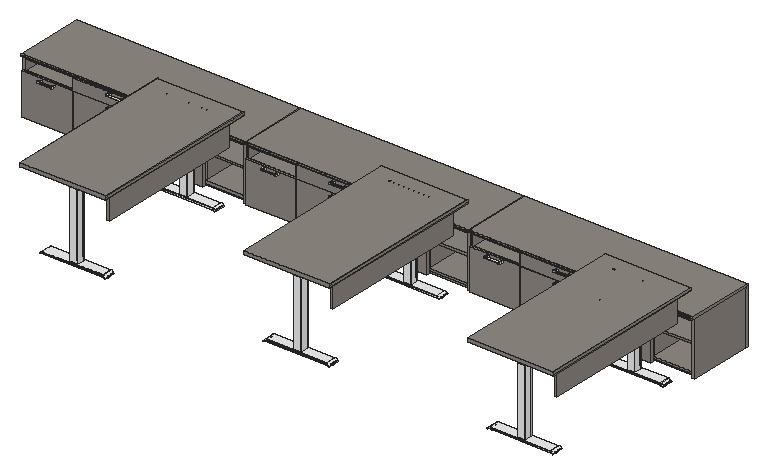
Revit family "JSI-Vision-Typical_Veneer-VSV139", category Furniture, Revit 2020 (continued)
Definition of nested family "JSI-Vision-Box_File_Modular_Bench_Pedestal"
  Automatic sketch dimensions
    Extrusion 4 sketch curve to plane 5 = 0"
    Extrusion 4 sketch curve to plane 14 = 0"
    curve 6 to plane 6 = 0"
    curve 6 to plane 7 = 0"
    curve 5 to plane 8 = 0"
    curve 6 to plane 9 = 0"
    curve 2 to plane 5 = 0"
    Extrusion 1 sketch curve to plane 18 = 0"
    Extrusion 2 sketch curve to plane 18 = 0"
    Extrusion 5 sketch curve to Extrusion 5 sketch curve = 3/4"
    plane 9 to Extrusion 5 sketch curve = 0.88"
  Nested families (in)
    nested 1: "Bar Pull" at (9, -18, 13.6409), Pull Finish <- "Pull Finish", type "PL"
      with Pull Finish none
    nested 2: "Bar Pull" at (9, -18, 17.8909), Pull Finish <- "Pull Finish", type "PL"
      with Pull Finish none
    nested 3: "Label 1-16" at (9, -18, 0), type "DRWCFG"
  Definition of nested family "Bar Pull"
    Parameters
      Pull Finish [instance] = none
      Default Elevation = 0"
    Reference planes (in)
      plane 1 "Center Front/Back": y = 0
      plane 2: z = 0
      plane 3 "Center Left/Right": x = 0
      plane 4: x = -2.68731
      plane 5: x = -1.88731
      plane 6: x = 2.68731
      plane 7: x = 1.88731
      plane 8: y = -1
      plane 9: y = -0.85202
    Forms (in)
      Extrusion 1, solid, material <- "Pull Finish"
        sketch origin (0, 0, 0) x (0, 1, 0) y (0, 0, 1)
          loop
            line (0, -0.2015) -> (0, 0.2015) -> (-0.85202, 0.2015)
            arc (-0.85202, 0.2015) -> (-0.75, 0) -> (-0.85202, -0.2015) r 0.25
            line (-0.85202, -0.2015) -> (0, -0.2015)
        from 1.88731 to 2.68731
      Extrusion 2, solid, material <- "Pull Finish"
        sketch origin (0, 0, 0) x (0, 1, 0) y (0, 0, 1)
          loop
            circle (-1, 0) r 0.25
        from -2.68731 to 2.68731
      Extrusion 3, solid, material <- "Pull Finish"
        sketch origin (0, 0, 0) x (0, 1, 0) y (0, 0, -1)
          loop
            line (0, 0.2015) -> (-0.85202, 0.2015)
            arc (-0.85202, 0.2015) -> (-0.75, 0) -> (-0.85202, -0.2015) r 0.25
            line (-0.85202, -0.2015) -> (0, -0.2015) -> (0, 0.2015)
        from 1.88731 to 2.68731
    Dimensions and locks (in)
      plane 4 to plane 5 to plane 3 "Center Left/Right" to plane 7 to plane 6 = 0.8" locked, 1.88731" locked, 1.88731" locked, 0.8" locked
      plane 8 to plane 9 to plane 1 "Center Front/Back" = 0.14798" locked, 0.85202" locked
      aligned and locked: level to plane 2
      aligned and locked: plane 4 to Extrusion 3
      aligned and locked: Extrusion 3 to plane 5
      aligned and locked: plane 4 to Extrusion 2
      aligned and locked: Extrusion 1 to plane 7
      aligned and locked: plane 6 to Extrusion 1
      aligned and locked: plane 6 to Extrusion 2
      aligned and locked: plane 8 to Extrusion 2 sketch curve
      aligned and locked: Extrusion 3 to plane 1 "Center Front/Back"
      aligned and locked: Extrusion 1 to plane 1 "Center Front/Back"
      aligned and locked: plane 5 to Extrusion 3
      aligned and locked: Extrusion 3 to plane 4
      aligned and locked: Extrusion 2 to plane 4
      aligned and locked: plane 7 to Extrusion 1
      aligned and locked: Extrusion 1 to plane 6
      aligned and locked: Extrusion 2 to plane 6
  Definition of nested family "Label 1-16"
    Parameters
      Width = 1"
      Model Name = "FF"
    Reference planes (in)
      plane 1: y = 0
      plane 2: x = 0
    Text (in)
      label "XX" at (0.00051, -0.12324, 0), shows "Model Name"
Definition of nested family "JSI-Vision-Sliding_Door_Modular_Bench_Pedestal"
  Parameters (values of type "Type Catalog")
    Width = 30"
    URL = "www.jsifurniture.com"
    Top = none
    Tag = "DOOR"
    Series = "Vision Casegoods"  # constant formula
    Model = "Type Catalog"
    Manufacturer = "JSI"  # constant formula
    Keynote = "12500"
    JSI Enviromental Website = "http://www.jsifurniture.com/jsi_sustainability_intro.php"
    Height = 18 3/4"
    Door Front = none
    Description = "Type Catalog"
    Depth = 18"
    Default Elevation = 0"
    Chassis = none
    Assembly Code = "E2020200"
  Reference planes (in)
    plane 1 "Center Front/Back": y = 0
    plane 2: z = 0
    plane 3 "Center Left/Right": x = 0
    plane 4: x = 30
    plane 5: x = 0.18716
    plane 6: x = 29.81244
    plane 7: z = 10.33219
    plane 8: x = 0.75
    plane 9: x = 29.126
    plane 10: y = -0.8125
    plane 11: y = -17.25
    plane 12: x = 15
    plane 13: z = 18.75
    plane 14: z = 18.6409
    plane 15: z = 9.58219
    plane 16: z = 1.9375
    plane 17: z = 1.1875
    plane 18: y = -17
    plane 19: y = -18
    plane 20: x = 14.625
    plane 21: x = 15.375
    plane 22: y = -16.125
    plane 23: y = -15.1875
    plane 24: y = -15.9375
    plane 25: z = 1
    plane 26: z = 18
  Forms (in)
    Extrusion 1, solid, material <- "Chassis"
      sketch origin (0.125, -0.1875, 48) x (0, 1, 0) y (0, 0, 1)
        loop
          line (0.1875, -29.25) -> (-17.0625, -29.25) -> (-17.0625, -48) -> (0.1875, -48) -> (0.1875, -29.25)
      from -0.125 to 0.625
    Extrusion 2, solid, material <- "Chassis"
      sketch origin (29.875, -0.1875, 48) x (0, 1, 0) y (0, 0, 1)
        loop
          line (0.1875, -29.25) -> (-17.0625, -29.25) -> (-17.0625, -48) -> (0.1875, -48) -> (0.1875, -29.25)
      from -0.749 to 0.125
    Extrusion 3, solid, material <- "Chassis"
      sketch origin (0, 0, 0) x (1, 0, 0) y (0, 1, 0)
        loop
          line (0.75, -15.1875) -> (0.75, -15.9375) -> (29.126, -15.9375) -> (29.126, -15.1875) -> (0.75, -15.1875)
      from 0 to 1.1875
    Extrusion 4, solid, material <- "Chassis"
      sketch origin (0, 0, 0) x (0, 1, 0) y (0, 0, 1)
        loop
          line (0, 18) -> (0, 18.75) -> (-17.25, 18.75) -> (-17.25, 18) -> (0, 18)
        loop
          line (0, 1.1875) -> (0, 1.9375) -> (-17, 1.9375) -> (-17, 1.1875) -> (0, 1.1875)
      from 0.75 to 29.126
    Extrusion 5, solid, material <- "Door Front"
      sketch origin (0, 0, 0) x (0, 1, 0) y (0, 0, 1)
        loop
          line (-17.25, 18.6409) -> (-18, 18.6409) -> (-18, 0.25) -> (-17.25, 0.25) -> (-17.25, 18.6409)
      from 0.18716 to 15.375
    Extrusion 6, solid, material <- "Chassis"
      sketch origin (0, 0, 0) x (0, 1, 0) y (0, 0, 1)
        loop
          line (-0.25, 9.58219) -> (-0.25, 10.33219) -> (-15.75, 10.33219) -> (-15.75, 9.58219) -> (-0.25, 9.58219)
      from 0.75 to 14.625
    Extrusion 7, solid, material <- "Chassis"
      sketch origin (0, 0, 0) x (0, 1, 0) y (0, 0, 1)
        loop
          line (0, 18) -> (-16.125, 18) -> (-16.125, 1.9375) -> (0, 1.9375) -> (0, 18)
      from 14.625 to 15.375
    Extrusion 8, solid, material <- "Chassis"
      sketch origin (30, 0, 0) x (0, 1, 0) y (0, 0, -1)
        loop
          line (-0.25, -9.58219) -> (-15.75, -9.58219) -> (-15.75, -10.33219) -> (-0.25, -10.33219) -> (-0.25, -9.58219)
      from 0.874 to 14.625
    Extrusion 9, solid, material <- "Chassis"
      sketch origin (0, 0, 0) x (1, 0, 0) y (0, 1, 0)
        loop
          line (0.75, 0) -> (0.75, -0.25) -> (14.625, -0.25) -> (14.625, 0) -> (0.75, 0)
        loop
          line (15.375, 0) -> (15.375, -0.25) -> (29.126, -0.25) -> (29.126, 0) -> (15.375, 0)
      from 1.9375 to 18
  Lines and regions (in)
    symbolic lines
      curve 1: line (0, 0, 0) -> (30, 0, 0)
      curve 2: line (0, -17.875, 0) -> (0, 0, 0)
      curve 3: line (30, -17.875, 0) -> (0, -17.875, 0)
      curve 4: line (30, 0, 0) -> (30, -17.875, 0)
  Dimensions and locks (in)
    plane 9 to plane 6 to plane 4 = 0.68644" locked, 0.18756" locked
    plane 3 "Center Left/Right" to plane 5 to plane 8 = 0.18716" locked, 0.56284" locked
    "Width": plane 3 "Center Left/Right" to plane 4
    equal spacing: plane 3 "Center Left/Right", plane 12, plane 4
    locked: plane 1 "Center Front/Back" to plane 10 at 0.8125
    plane 16 to plane 17 to level = 3/4" locked, 1 3/16" locked
    "Depth": plane 1 "Center Front/Back" to plane 19
    locked: plane 25 to level at 1
    locked: Extrusion 6 sketch curve to plane 22 at 0.375
    plane 20 to plane 12 to plane 21 = 3/8" locked, 3/8" locked
    plane 23 to plane 24 to plane 22 to plane 18 to plane 11 to plane 19 = 3/4" locked, 3/16" locked, 7/8" locked, 1/4" locked, 3/4" locked
    locked: plane 13 to plane 26 at 0.75
    locked: plane 14 to plane 13 at 0.1091
    "Height": plane 13 to level
    locked: Extrusion 5 sketch curve to plane 2 at 0.25
    locked: plane 1 "Center Front/Back" to Extrusion 9 sketch curve at 0.25  (x2)
    aligned and locked: level to plane 2
    aligned and locked: Extrusion 1 sketch curve to level
    aligned and locked: level to Extrusion 2 sketch curve
    aligned and locked: plane 8 to Extrusion 3 sketch curve
    aligned and locked: nested 1 to plane 12
    aligned and locked: plane 3 "Center Left/Right" to curve 2
    aligned and locked: plane 1 "Center Front/Back" to curve 1
    aligned and locked: curve 4 to plane 4
    aligned and locked: plane 13 to Extrusion 4 sketch curve
    aligned and locked: Extrusion 4 sketch curve to plane 11
    aligned and locked: plane 16 to Extrusion 4 sketch curve
    aligned and locked: Extrusion 4 sketch curve to plane 17
    aligned and locked: nested 1 to plane 19
    aligned and locked: plane 17 to Extrusion 3
    aligned and locked: plane 23 to Extrusion 3
    aligned and locked: Extrusion 3 to plane 24
    aligned and locked: Extrusion 5 sketch curve to plane 14
    aligned and locked: plane 11 to Extrusion 5 sketch curve
    aligned and locked: Extrusion 5 sketch curve to plane 19
    aligned and locked: plane 21 to Extrusion 5
    aligned and locked: plane 5 to Extrusion 5
    aligned and locked: plane 7 to Extrusion 6 sketch curve
    aligned and locked: Extrusion 6 sketch curve to plane 15
    aligned and locked: plane 16 to Extrusion 7 sketch curve
    aligned and locked: plane 22 to Extrusion 7 sketch curve
    aligned and locked: Extrusion 8 to plane 21
    aligned and locked: plane 7 to Extrusion 8
    aligned and locked: Extrusion 8 to plane 15
    aligned and locked: plane 9 to Extrusion 8
    aligned and locked: Extrusion 1 to plane 1 "Center Front/Back"
    aligned and locked: Extrusion 2 to plane 1 "Center Front/Back"
    aligned and locked: Extrusion 4 to plane 1 "Center Front/Back"
    aligned and locked: Extrusion 7 to plane 1 "Center Front/Back"
    aligned and locked: plane 8 to Extrusion 9 sketch curve
    aligned and locked: plane 20 to Extrusion 9 sketch curve
    aligned and locked: plane 1 "Center Front/Back" to Extrusion 9 sketch curve  (x2)
    aligned and locked: plane 21 to Extrusion 9 sketch curve
    aligned and locked: Extrusion 9 sketch curve to plane 9
    aligned and locked: plane 26 to Extrusion 9
    aligned and locked: Extrusion 9 to plane 16
    aligned and locked: Extrusion 6 to Extrusion 9
    aligned and locked: Extrusion 8 to Extrusion 9
  Automatic sketch dimensions
    plane 19 to curve 4 = 1/8"
    Extrusion 1 sketch curve to plane 11 = 0"
    Extrusion 1 sketch curve to plane 13 = 0"
    Extrusion 2 sketch curve to plane 11 = 0"
    Extrusion 2 sketch curve to plane 13 = 0"
    Extrusion 3 sketch curve to plane 9 = 0"
    Extrusion 3 sketch curve to plane 24 = 0"
    Extrusion 3 sketch curve to plane 23 = 0"
    plane 15 to Extrusion 8 sketch curve = 0"
    Extrusion 8 sketch curve to plane 7 = 0"
    plane 10 to Extrusion 8 sketch curve = 9/16"
    plane 24 to Extrusion 8 sketch curve = 3/16"
    plane 26 to Extrusion 7 sketch curve = 0"
    plane 10 to Extrusion 1 sketch curve = 13/16"
    plane 10 to Extrusion 2 sketch curve = 13/16"
    Extrusion 4 sketch curve to plane 18 = 0"
    Extrusion 4 sketch curve to plane 26 = 0"
    plane 10 to Extrusion 4 sketch curve = 13/16"  (x2)
    plane 10 to Extrusion 7 sketch curve = 13/16"
    plane 10 to Extrusion 6 sketch curve = 9/16"
  Nested families (in)
    nested 1: "Label 1-16" at (15, -18, 0), type "DRWCFG"
  Definition of nested family "Label 1-16"
    Parameters
      Width = 1"
      Model Name = "DOOR"
    Reference planes (in)
      plane 1: y = 0
      plane 2: x = 0
    Text (in)
      label "XX" at (0.00051, -0.12324, 0), shows "Model Name"
Definition of nested family "JSI-Vision-Bench_Height_Modular_Top"
  Parameters (values of type "Type Catalog")
    Worksurface = none
    Width = 42"
    URL = "www.jsifurniture.com"
    Type Comments = ""
    Series = "Vision Casegoods"  # constant formula
    Model = "Type Catalog"
    Material = ""
    Manufacturer = "JSI"  # constant formula
    Keynote = "12500"  # constant formula
    JSI Enviromental Website = "http://www.jsifurniture.com/jsi_sustainability_intro.php"
    Height = 3/4"  # constant formula
    Description = "Type Catalog"
    Depth = 30"
    Default Elevation = 0"
    Assembly Code = "E2020200"
  Reference planes (in)
    plane 1 "Center Front/Back": y = 0
    plane 2: z = 0
    plane 3 "Center Left/Right": x = 0
    plane 4: z = 0
    plane 5: x = 42
    plane 6: y = -30
    plane 7: z = 20.25
    plane 8: z = 19.5
  Forms (in)
    Extrusion 1, solid, material <- "Worksurface"
      sketch origin (0, 0, 28) x (0, 1, 0) y (0, 0, 1)
        loop
          line (-29.88189, -8.5) -> (0, -8.5) -> (0, -7.75) -> (-29.88189, -7.75)
          arc (-29.88189, -7.75) -> (-29.96541, -7.78459) -> (-30, -7.86811) r 0.11811
          line (-30, -7.86811) -> (-30, -8.38189)
          arc (-30, -8.38189) -> (-29.96541, -8.46541) -> (-29.88189, -8.5) r 0.11811
      from 0 to 42
  Lines and regions (in)
    symbolic lines
      curve 1: line (0, 0, 0) -> (42, 0, 0)
      curve 2: line (0, -30, 0) -> (0, 0, 0)
      curve 3: line (42, -30, 0) -> (0, -30, 0)
      curve 4: line (42, 0, 0) -> (42, -30, 0)
  Dimensions and locks (in)
    "Depth": plane 6 to plane 1 "Center Front/Back"
    "Width": plane 5 to plane 3 "Center Left/Right"
    "Height": plane 7 to plane 8
    locked: plane 8 to plane 4 at 19.5
    aligned and locked: level to plane 2
    aligned and locked: plane 5 to Extrusion 1
    aligned and locked: curve 1 to Extrusion 1
    aligned and locked: curve 2 to Extrusion 1
    aligned and locked: plane 6 to curve 3
    aligned and locked: curve 4 to plane 5
    aligned and locked: Extrusion 1 to plane 8
    aligned and locked: Extrusion 1 to plane 7
  Automatic sketch dimensions
    Extrusion 1 sketch curve to plane 6 = 0"
    level to Extrusion 1 sketch curve = 19 1/2"
    Extrusion 1 sketch curve to plane 7 = 0"
    Extrusion 1 sketch curve to plane 1 "Center Front/Back" = 0"
    Extrusion 1 sketch curve to Extrusion 1 sketch curve = 0.11811"
    plane 6 to Extrusion 1 sketch curve = 0.11811"
Definition of nested family "JSI-Vision-Adjustable_Bridge_Modesty"
  Parameters (values of type "Modesty for Adj Bridge - Type Catalog Family")
    Width = 40"
    URL = "www.jsifurniture.com"
    Type Comments = ""
    Series = "Vision Casegoods"  # constant formula
    JSI Enviromental Website = "http://www.jsifurniture.com/jsi_sustainability_intro.php"
    Panel = none
    Height-Panel = 9"
    Height = 30"
    Default Elevation = 0"
    Bracket = none
    Model = "Type Catalog"
    Material = ""
    Manufacturer = "JSI"  # constant formula
    Keynote = "12500"  # constant formula
    Description = "Type Catalog"
    Assembly Code = "E2020200"
  Reference planes (in)
    plane 1 "Center Front/Back": y = 0
    plane 2: z = 0
    plane 3 "Center Left/Right": x = 0
    plane 4: z = 30
    plane 5: y = -0.75
    plane 6: x = 20
    plane 7: x = 40
    plane 8: z = 28.8125
    plane 9: x = 8.375
    plane 10: x = 31.625
    plane 11: z = 19.8125
  Forms (in)
    Extrusion 1, solid, material <- "Panel"
      sketch origin (-12, -1, 0) x (1, 0, 0) y (0, 0, -1)
        loop
          line (12, -28.8125) -> (52, -28.8125) -> (52, -19.8125) -> (12, -19.8125) -> (12, -28.8125)
      from 0.25 to 1
    Extrusion 2, solid, material <- "Bracket", detail levels medium+fine
      sketch origin (-12, -1, 0) x (0, -1, 0) y (0, 0, -1)
        loop
          line (1, -28.8125) -> (1, -28.6875) -> (-0.125, -28.6875) -> (-0.125, -22.8125) -> (-0.25, -22.8125) -> (-0.25, -28.8125) -> (1, -28.8125)
      from 20 to 20.75
    Extrusion 3, solid, material <- "Bracket", detail levels medium+fine
      sketch origin (11.625, -1, 0) x (0, -1, 0) y (0, 0, -1)
        loop
          line (1, -28.8125) -> (1, -28.6875) -> (-0.125, -28.6875) -> (-0.125, -22.8125) -> (-0.25, -22.8125) -> (-0.25, -28.8125) -> (1, -28.8125)
      from 8 to 8.75
    Extrusion 4, solid, material <- "Bracket", detail levels medium+fine
      sketch origin (35.25, -1, 0) x (0, -1, 0) y (0, 0, -1)
        loop
          line (1, -28.8125) -> (1, -28.6875) -> (-0.125, -28.6875) -> (-0.125, -22.8125) -> (-0.25, -22.8125) -> (-0.25, -28.8125) -> (1, -28.8125)
      from -4 to -3.25
  Lines and regions (in)
    symbolic lines
      curve 1: line (0, 0, 0) -> (40, 0, 0)
      curve 2: line (0, -0.75, 0) -> (0, 0, 0)
      curve 3: line (40, -0.75, 0) -> (0, -0.75, 0)
      curve 4: line (40, 0, 0) -> (40, -0.75, 0)
  Dimensions and locks (in)
    locked: Extrusion 2 to Extrusion 2 at 0.75
    locked: Extrusion 3 to Extrusion 3 at 0.75
    locked: Extrusion 4 to Extrusion 4 at 0.75
    locked: plane 10 to plane 7 at 8.375
    equal spacing: Extrusion 2, plane 9, Extrusion 2
    equal spacing: Extrusion 4, plane 10, Extrusion 4
    "Height": plane 4 to plane 2
    "Height-Panel": plane 8 to plane 11
    locked: plane 4 to plane 8 at 1.1875
    equal spacing: plane 3 "Center Left/Right", plane 6, plane 7
    "Width": plane 3 "Center Left/Right" to plane 7
    equal spacing: Extrusion 3, plane 6, Extrusion 3
    locked: plane 3 "Center Left/Right" to plane 9 at 8.375
    aligned and locked: level to plane 2
    aligned and locked: Extrusion 1 to plane 5
    aligned and locked: Extrusion 1 to plane 7
    aligned and locked: plane 8 to Extrusion 1
    aligned and locked: plane 8 to Extrusion 2
    aligned and locked: plane 8 to Extrusion 3
    aligned and locked: plane 8 to Extrusion 4
    aligned and locked: curve 3 to Extrusion 1
    aligned and locked: plane 7 to curve 4
    aligned and locked: curve 1 to Extrusion 1
    aligned and locked: Extrusion 1 to plane 11
    aligned and locked: Extrusion 1 to plane 1 "Center Front/Back"
    aligned and locked: Extrusion 1 to plane 3 "Center Left/Right"
  Automatic sketch dimensions
    plane 7 to Extrusion 1 sketch curve = 0"
    Extrusion 1 sketch curve to plane 8 = 0"
    Extrusion 1 sketch curve to Extrusion 1 sketch curve = 9"
    Extrusion 2 sketch curve to plane 5 = 0"
    Extrusion 2 sketch curve to plane 8 = 0"
    Extrusion 2 sketch curve to Extrusion 2 sketch curve = 1/8"
    Extrusion 2 sketch curve to plane 8 = 1/8"
    Extrusion 2 sketch curve to Extrusion 2 sketch curve = 1 1/8"
    Extrusion 2 sketch curve to Extrusion 2 sketch curve = 5 7/8"
    Extrusion 3 sketch curve to plane 5 = 0"
    Extrusion 3 sketch curve to plane 8 = 0"
    Extrusion 3 sketch curve to Extrusion 3 sketch curve = 1/8"
    Extrusion 3 sketch curve to plane 8 = 1/8"
    Extrusion 3 sketch curve to Extrusion 3 sketch curve = 1 1/8"
    Extrusion 3 sketch curve to Extrusion 3 sketch curve = 5 7/8"
    Extrusion 4 sketch curve to plane 5 = 0"
    Extrusion 4 sketch curve to plane 8 = 0"
    Extrusion 4 sketch curve to Extrusion 4 sketch curve = 1/8"
    Extrusion 4 sketch curve to plane 8 = 1/8"
    Extrusion 4 sketch curve to Extrusion 4 sketch curve = 1 1/8"
    Extrusion 4 sketch curve to Extrusion 4 sketch curve = 5 7/8"
    plane 9 to curve 1 = 8 3/8"
    plane 9 to Extrusion 1 sketch curve = 8 3/8"
Definition of nested family "JSI-Vision-Filler_Back_Panel_for_Bench_Height"
  Parameters (values of type "VSTB0419MBK, Filler Back Panel for Bench Height 18 3/4"H, 4"W")
    Width = 4"
    URL = "www.jsifurniture.com"
    Type Comments = ""
    Series = "Vision Casegoods"  # constant formula
    Back Finish = none
    Model = "VSTB0419MBK"
    Material = ""
    Manufacturer = "JSI"  # constant formula
    Keynote = "12500"  # constant formula
    JSI Enviromental Website = "http://www.jsifurniture.com/jsi_sustainability_intro.php"
    Height = 18 3/4"
    Description = "Filler Back Panel Laminate for Bench Height 3/4\"D x 18 3/4\"H x 4\"W"
    Depth = 3/4"
    Default Elevation = 0"
    Assembly Code = "E2020200"
  Types (2): name | Model | Description
    VSTB0419MBK, Filler Back Panel for Bench Height 18 3/4"H, 4"W | "VSTB0419MBK" | "Filler Back Panel Laminate for Bench Height 3/4\"D x 18 3/4\"H x 4\"W"
    VSVB0419MBK, Filler Back Panel for Bench Height 18 3/4"H, 4"W | "VSVB0419MBK" | "Filler Back Panel Veneer for Bench Height 3/4\"D x 18 3/4\"H x 4\"W"
  Reference planes (in)
    plane 1 "Center Front/Back": y = 0
    plane 2: z = 0
    plane 3 "Center Left/Right": x = 0
    plane 4: z = 0
    plane 5: x = 4
    plane 6: z = 18.75
    plane 7: y = -0.75
  Forms (in)
    Extrusion 1, solid, material <- "Back Finish"
      sketch origin (0, 1.5625, 0) x (1, 0, 0) y (0, 1, 0)
        loop
          line (0, -1.5625) -> (0, -2.3125) -> (4, -2.3125) -> (4, -1.5625) -> (0, -1.5625)
      from 0 to 18.75
  Lines and regions (in)
    symbolic lines
      curve 1: line (0, 0, 0) -> (4, 0, 0)
      curve 2: line (0, -0.75, 0) -> (0, 0, 0)
      curve 3: line (4, -0.75, 0) -> (0, -0.75, 0)
      curve 4: line (4, 0, 0) -> (4, -0.75, 0)
  Dimensions and locks (in)
    "Height": plane 6 to plane 4
    "Depth": plane 7 to plane 1 "Center Front/Back"
    "Width": plane 3 "Center Left/Right" to plane 5
    aligned and locked: level to plane 2
    aligned and locked: plane 6 to Extrusion 1
    aligned and locked: Extrusion 1 to plane 7
    aligned and locked: Extrusion 1 to plane 3 "Center Left/Right"
    aligned and locked: Extrusion 1 to plane 4
    aligned and locked: plane 5 to Extrusion 1
    aligned and locked: curve 1 to Extrusion 1
    aligned and locked: curve 2 to Extrusion 1
    aligned and locked: curve 3 to Extrusion 1
    aligned and locked: curve 4 to Extrusion 1
    aligned and locked: Extrusion 1 to plane 1 "Center Front/Back"
  Automatic sketch dimensions
    Extrusion 1 sketch curve to plane 3 "Center Left/Right" = 0"
    Extrusion 1 sketch curve to plane 5 = 0"
    Extrusion 1 sketch curve to plane 7 = 0"
    Extrusion 1 sketch curve to Extrusion 1 sketch curve = 3/4"
